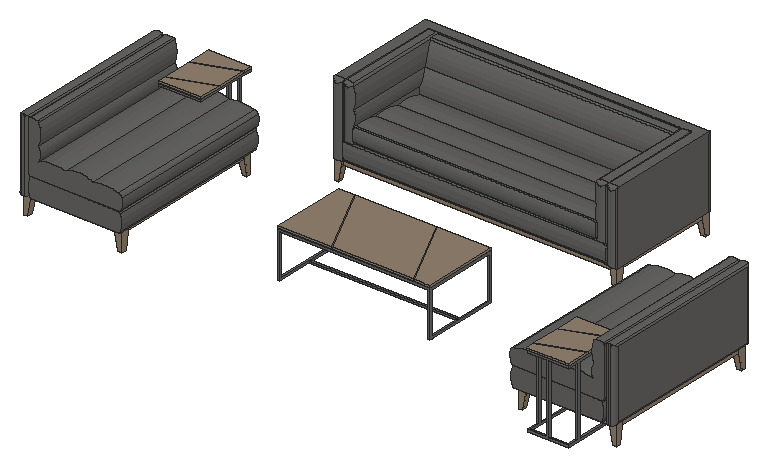
Revit family "Gus-Atwood_Layout_01-Teknion-R2015", category Furniture Systems, Revit 2016
Family settings
  Part Type = Normal
  Round Connector Dimension = Use Diameter
  OmniClass Number = 23.40.70.14.64.21
  OmniClass Title = Systems Furniture
  Work Plane-Based = No
  Always vertical = Yes
  Cut with Voids When Loaded = No
  Shared = Yes
  Room Calculation Point = No
Parameters (values of type "Atwood 01")
  Warranty = "https://d2r72yk5wmppdj.cloudfront.net/m/03d6e2ec3734b7d8/original/"
  URL = "http://www.teknion.com/ca/products/landing-pages/gus-modern"
  Type Comments = ""
  Series = "Gus Modern"  # constant formula
  Product Page URL = "http://teknionplanningtool.com/"
  Product Line = "Gus Modern"  # constant formula
  Model = "Gus - Atwood Layout 01"
  Manufacturer Phone = "416.534.0773 x37"  # constant formula
  Manufacturer Fax = "416.534.2452"  # constant formula
  Manufacturer Contact Information = "Teknion@gusdesigngroup.com"
  Manufacturer Address = "223 Evans Avenue. Toronto, Ontario, Canada. M8Z 1J5"  # constant formula
  Manufacturer = "Gus* Modern"  # constant formula
  How to Add Texture Images to your Revit Project [instance] = "https://assets.teknion.com/m/205dd0a49fa58060/original/How-to-add-a-Material-Library-and-Texture-Images-to-your-Revit-project.pdf"
  Download Gus Texture Images to create renders [instance] = "https://assets.teknion.com/m/29cde7a75cc33916/original/Gus_Materials-Tileable.zip&sa=D&source=hangouts&ust=1586961390137000&usg=AFQjCNGxXSYn9ovBZDnVxL7hRXyzMWMijw"
  Description = "8'-0 1/2\" x 14'-4 1/2\" Overall"
  Assembly Code = "E2020200"
Reference planes (in)
  plane 1 "Center F/B": y = 0
  plane 2: z = 0
  plane 3 "Center L/R": x = 0
  plane 4 "Top": z = 29
Lines and regions (in)
  reference lines
    curve 1: line (86.33523, 66.44447, 0) -> (-86.33523, 66.44447, 0)
    curve 2: line (86.33523, -30.22316, 0) -> (86.33523, 66.44447, 0)
    curve 3: line (-86.33523, -30.22316, 0) -> (86.33523, -30.22316, 0)
    curve 4: line (-86.33523, 66.44447, 0) -> (-86.33523, -30.22316, 0)
Dimensions and locks (in)
  locked: plane 4 "Top" to level at 29
  curve 1 to curve 3 = 8' - 0.66763"
  curve 4 to curve 2 = 14' - 4.67047"
  locked: nested 5 to nested 4 at 21.16139
  locked: nested 6 to nested 3 at 22.7296
  locked: nested 4 to nested 5 at 0.32213
  locked: nested 3 to nested 6 at 1.0848
  aligned and locked: level to plane 2
  aligned and locked: plane 1 "Center F/B" to nested 4
  aligned and locked: plane 1 "Center F/B" to nested 2
  aligned and locked: nested 3 to plane 1 "Center F/B"
  aligned and locked: plane 3 "Center L/R" to nested 1
  aligned and locked: plane 3 "Center L/R" to nested 2
Nested families (in)
  nested 1: "Seating-Sofa-Teknion-ECSFATWO_Atwood-R2015" at (0, 49.4109, 0), type "Urban Tweed Ink, Walnut"
  nested 2: "Table-Teknion-ECCTTOBR_Tobias-R2015" at (0, 0, 0), type "Coffee Table, Rectangle"
  nested 3: "Seating-Lounge-Teknion-ECLGATWO_Atwood-R2015" at (-71.15001, 0, 0) x (0, 1, 0) z (0, 0, 1), type "Urban Tweed Ink, Walnut"
  nested 4: "Seating-Lounge-Teknion-ECLGATWO_Atwood-R2015" at (71.16394, 0, 0) x (0, -1, 0) z (0, 0, 1), type "Urban Tweed Ink, Walnut"
  nested 5: "Table-Teknion-ECNTTOBI_Tobias-R2015" at (71.48608, -21.16139, 0) x (0, -1, 0) z (0, 0, 1), type "Nesting Table"
  nested 6: "Table-Teknion-ECNTTOBI_Tobias-R2015" at (-70.06521, 22.7296, 0) x (0, 1, 0) z (0, 0, 1), type "Nesting Table"
Definition of nested family "Seating-Sofa-Teknion-ECSFATWO_Atwood-R2015"
  Parameters (values of type "(See Type Catalog)")
    Width = 6' - 10"
    Warranty = "https://d2r72yk5wmppdj.cloudfront.net/m/03d6e2ec3734b7d8/original/Gus-Limited-Warranty.pdf"
    Upholstery Finish = none
    URL = "http://www.teknion.com/ca/products/landing-pages/gus-modern"
    Series = "Gus Modern"
    Product Page URL = "http://www.teknion.com/ca/products/landing-pages/gus-modern"
    Product Line = "Atwood"
    Part Number = "ECSFATWO"
    Model = "ECSFATWO-mu-wn"
    Manufacturer Phone = "416.534.0773 x37"
    Manufacturer Fax = "416.534.2452"
    Manufacturer Contact Information = "Teknion@gusdesigngroup.com"
    Manufacturer Address = "223 Evans Avenue. Toronto, Ontario. Canada. M8Z 1J5"
    Manufacturer = "Gus* Modern"  # constant formula
    Height = 2' - 3"
    Description = "Atwood Sofa Muskoka Surf Walnut"
    Depth = 2' - 10"
    Assembly Code = "E2020200"
  Reference planes (in)
    plane 1 "Center F/B": y = 0
    plane 2 "Bottom": z = 0
    plane 3 "Center L/R": x = 0
    plane 4 "Front": y = -17.03357
    plane 5 "Back": y = 17.03357
    plane 6 "Top": z = 27
    plane 7 "Left Right 4": x = -3.9124
    plane 8 "Left Right 5": x = 3.9124
    plane 9 "Front Back 2": y = -0.77351
    plane 10 "Front Back 1": y = -8.63556
    plane 11 "Masking Region": z = 16.4229
    plane 12 "Left": x = -41.63435
    plane 13 "Right": x = 41.63435
    plane 14 "Left Right 3": x = -11.73703
    plane 15 "Left Right 2": x = -19.56201
    plane 16 "Left Right 1": x = -27.3867
    plane 17 "Left Right 6": x = 11.73703
    plane 18 "Left Right 7": x = 19.56201
    plane 19 "Left Right 8": x = 27.3867
  Forms (in)
    Sweep 1, solid
      path origin (0, 0, 0) x (1, 0, 0) y (0, 0, 1)
        loop
          line (0, 6.02362) -> (0, 4.64567)
      profile origin (0, 0, 5.33465) x (0, -1, 0) y (1, 0, 0)
        loop
          line (-14.79195, -40.84653) -> (-14.79195, -40.45283) -> (14.34191, -40.45283) -> (14.34191, -40.84653) -> (16.31041, -40.84653) -> (16.31041, -38.87803) -> (15.91671, -38.87803) -> (15.91671, 38.87803) -> (16.31041, 38.87803) -> (16.31041, 40.84653) -> (14.34191, 40.84653) -> (14.34191, 40.45283) -> (-14.79195, 40.45283) -> (-14.79195, 40.84653) -> (-16.76045, 40.84653) -> (-16.76045, 38.87803) -> (-16.36675, 38.87803) -> (-16.36675, -38.87803) -> (-16.76045, -38.87803) -> (-16.76045, -40.84653) -> (-14.79195, -40.84653)
        loop
          line (-14.79195, -38.87803) -> (14.34191, -38.87803) -> (14.34191, -0.78748) -> (-14.79195, -0.78748) -> (-14.79195, -38.87803)
        loop
          line (-14.79195, 38.87803) -> (-14.79195, 0.78748) -> (14.34191, 0.78748) -> (14.34191, 38.87803) -> (-14.79195, 38.87803)
    SweptBlend 2, solid
      path origin (0, 0, 0) x (1, 0, 0) y (0, 0, 1)
        loop
          line (0, 0.11811) -> (0, 4.64567)
      profile origin (0, 0, 0.11811) x (-1, 0, 0) y (0, -1, 0)
        loop
          line (40.84653, 15.11796) -> (40.84653, 16.31041) -> (39.65408, 16.31041) -> (39.65408, 15.11796) -> (40.84653, 15.11796)
      end profile origin (0, 0, 4.64567) x (-1, 0, 0) y (0, -1, 0)
        loop
          line (38.87803, 14.34191) -> (40.84653, 14.34191) -> (40.84653, 16.31041) -> (38.87803, 16.31041) -> (38.87803, 14.34191)
    SweptBlend 3, solid
      path origin (35.23644, 0, 0) x (1, 0, 0) y (0, 0, 1)
        loop
          line (-35.23644, 0.11811) -> (-35.23644, 4.64567)
      profile origin (0, 0, 0.11811) x (-1, 0, 0) y (0, -1, 0)
        loop
          line (-40.84653, 15.11796) -> (-39.65408, 15.11796) -> (-39.65408, 16.31041) -> (-40.84653, 16.31041) -> (-40.84653, 15.11796)
      end profile origin (0, 0, 4.64567) x (-1, 0, 0) y (0, -1, 0)
        loop
          line (-38.87803, 14.34191) -> (-38.87803, 16.31041) -> (-40.84653, 16.31041) -> (-40.84653, 14.34191) -> (-38.87803, 14.34191)
    SweptBlend 4, solid
      path origin (0, 0, 0) x (1, 0, 0) y (0, 0, 1)
        loop
          line (0, 0.11811) -> (0, 4.64567)
      profile origin (0, 0, 0.11811) x (-1, 0, 0) y (0, -1, 0)
        loop
          line (-40.84653, -16.76045) -> (-39.65408, -16.76045) -> (-39.65408, -15.568) -> (-40.84653, -15.568) -> (-40.84653, -16.76045)
      end profile origin (0, 0, 4.64567) x (-1, 0, 0) y (0, -1, 0)
        loop
          line (-38.87803, -16.76045) -> (-38.87803, -14.79195) -> (-40.84653, -14.79195) -> (-40.84653, -16.76045) -> (-38.87803, -16.76045)
    SweptBlend 5, solid
      path origin (-32.48031, 0, 0) x (1, 0, 0) y (0, 0, 1)
        loop
          line (32.48031, 0.11811) -> (32.48031, 4.64567)
      profile origin (0, 0, 0.11811) x (-1, 0, 0) y (0, -1, 0)
        loop
          line (39.65408, -16.76045) -> (40.84653, -16.76045) -> (40.84653, -15.568) -> (39.65408, -15.568) -> (39.65408, -16.76045)
      end profile origin (0, 0, 4.64567) x (-1, 0, 0) y (0, -1, 0)
        loop
          line (40.84653, -16.76045) -> (40.84653, -14.79195) -> (38.87803, -14.79195) -> (38.87803, -16.76045) -> (40.84653, -16.76045)
    Sweep 6, solid, material <- "Upholstery Finish"
      path origin (0, 0, 0) x (1, 0, 0) y (0, 0, 1)
        loop
          line (0, 6.02362) -> (0, 26.89778)
      profile origin (0, 0, 16.4607) x (-1, 0, 0) y (0, -1, 0)
        loop
          arc (40.84564, 16.69561) -> (39.52973, 16.92589) -> (38.23514, 16.59621) r 3.18485
          arc (38.23514, 16.59621) -> (38.11355, 16.48559) -> (38.0685, 16.32749) r 0.3
          line (38.0685, 16.32749) -> (38.0685, -13.66203)
          arc (38.0685, -13.66203) -> (37.92206, -14.01558) -> (37.5685, -14.16203) r 0.5
          line (37.5685, -14.16203) -> (-37.5685, -14.16203)
          arc (-37.5685, -14.16203) -> (-37.92206, -14.01558) -> (-38.0685, -13.66203) r 0.5
          line (-38.0685, -13.66203) -> (-38.0685, 16.32749)
          arc (-38.0685, 16.32749) -> (-38.11355, 16.48559) -> (-38.23514, 16.59621) r 0.3
          arc (-38.23514, 16.59621) -> (-39.52973, 16.92589) -> (-40.84564, 16.69561) r 3.18485
          arc (-40.84564, 16.69561) -> (-40.9774, 16.59257) -> (-41.03455, 16.43537) r 0.30349
          arc (-41.03455, 16.43537) -> (-41.61209, -0.12321) -> (-41.04098, -16.68201) r 238.99343
          arc (-41.04098, -16.68201) -> (-40.94772, -16.87779) -> (-40.74596, -16.9573) r 0.29572
          line (-40.74596, -16.9573) -> (40.74596, -16.9573)
          arc (40.74596, -16.9573) -> (40.94772, -16.87779) -> (41.04098, -16.68201) r 0.29572
          arc (41.04098, -16.68201) -> (41.61209, -0.12321) -> (41.03455, 16.43537) r 238.99343
          arc (41.03455, 16.43537) -> (40.9774, 16.59257) -> (40.84564, 16.69561) r 0.30349
        loop
          line (34.36575, 16.01504) -> (34.36575, -13.23438)
          arc (34.36575, -13.23438) -> (36.0243, -14.09113) -> (37.87061, -13.81555) r 3.03611
          arc (37.87061, -13.81555) -> (37.99221, -13.70493) -> (38.03725, -13.54682) r 0.3
          line (38.03725, -13.54682) -> (38.03725, 16.32749)
          arc (38.03725, 16.32749) -> (37.99221, 16.48559) -> (37.87061, 16.59621) r 0.3
          arc (37.87061, 16.59621) -> (36.0243, 16.87179) -> (34.36575, 16.01504) r 3.03611
        loop
          arc (-34.36575, 16.01504) -> (-36.0243, 16.87179) -> (-37.87061, 16.59621) r 3.03611
          arc (-37.87061, 16.59621) -> (-37.99221, 16.48559) -> (-38.03725, 16.32749) r 0.3
          line (-38.03725, 16.32749) -> (-38.03725, -13.54682)
          arc (-38.03725, -13.54682) -> (-37.99221, -13.70493) -> (-37.87061, -13.81555) r 0.3
          arc (-37.87061, -13.81555) -> (-36.0243, -14.09113) -> (-34.36575, -13.23438) r 3.03611
          line (-34.36575, -13.23438) -> (-34.36575, 16.01504)
    Sweep 7, void
      path origin (0, 0, 0) x (1, 0, 0) y (0, 1, 0)
        loop
          line (-41.63435, 0) -> (41.63435, 0)
      profile origin (0, 0, 0) x (0, 1, 0) y (0, 0, 1)
        loop
          line (-15.67819, 26.89778) -> (-15.67819, 27) -> (-17.03357, 27) -> (-17.03357, 25.64778) -> (-16.92819, 25.64778)
          arc (-16.92819, 25.64778) -> (-16.56208, 26.53166) -> (-15.67819, 26.89778) r 1.25
    Sweep 8, void
      path origin (0, 0, 0) x (1, 0, 0) y (0, 1, 0)
        loop
          line (-38.03725, 0) -> (38.03725, 0)
      profile origin (0, 0, 0) x (0, 1, 0) y (0, 0, 1)
        loop
          line (-17.03357, 11.53543) -> (-17.03357, 0) -> (14.16203, 0) -> (14.16203, 11.53543) -> (-17.03357, 11.53543)
    Sweep 9, void
      path origin (0, 0, 0) x (1, 0, 0) y (0, 1, 0)
        loop
          line (0, 14.16203) -> (0, -19.83797)
      profile origin (0, -2.83797, 0) x (1, 0, 0) y (0, 0, 1)
        loop
          line (35.11575, 11.53543) -> (35.11575, 16.06309)
          arc (35.11575, 16.06309) -> (34.71603, 18.17952) -> (35.11575, 20.29594) r 5.80281
          arc (35.11575, 20.29594) -> (34.71629, 23.37092) -> (35.10313, 26.44751) r 12.22832
          arc (35.10313, 26.44751) -> (35.31661, 26.77204) -> (35.68415, 26.89778) r 0.6
          line (35.68415, 26.89778) -> (35.68415, 27) -> (-35.68415, 27) -> (-35.68415, 26.89778)
          arc (-35.68415, 26.89778) -> (-35.31661, 26.77204) -> (-35.10313, 26.44751) r 0.6
          arc (-35.10313, 26.44751) -> (-34.71629, 23.37092) -> (-35.11575, 20.29594) r 12.22832
          arc (-35.11575, 20.29594) -> (-34.71603, 18.17952) -> (-35.11575, 16.06309) r 5.80281
          line (-35.11575, 16.06309) -> (-35.11575, 11.53543) -> (35.11575, 11.53543)
    Sweep 10, solid, material <- "Upholstery Finish"
      path origin (0, 0, 0) x (1, 0, 0) y (0, 1, 0)
        loop
          line (-35.11575, 0) -> (35.11575, 0)
      profile origin (0, 0, 0) x (0, 1, 0) y (0, 0, 1)
        loop
          arc (14.16203, 26.24421) -> (14.06587, 26.52606) -> (13.81749, 26.69036) r 0.46114
          arc (13.81749, 26.69036) -> (12.6514, 26.8544) -> (11.4788, 26.74621) r 5.09255
          arc (11.4788, 26.74621) -> (11.23365, 26.65343) -> (11.02815, 26.49071) r 0.85471
          arc (11.02815, 26.49071) -> (9.34869, 23.62463) -> (9.03069, 20.31799) r 7.71152
          arc (9.03069, 20.31799) -> (7.34504, 17.43026) -> (7.11478, 14.09449) r 7.342
          arc (7.11478, 14.09449) -> (3.22333, 15.03418) -> (-0.77351, 14.80661) r 13.67422
          arc (-0.77351, 14.80661) -> (-4.65822, 15.68954) -> (-8.63556, 15.46302) r 14.25511
          arc (-8.63556, 15.46302) -> (-12.38802, 16.28509) -> (-16.22586, 16.11875) r 14.87413
          arc (-16.22586, 16.11875) -> (-16.33521, 16.07463) -> (-16.41694, 15.98964) r 0.28188
          arc (-16.41694, 15.98964) -> (-17.03372, 13.85854) -> (-16.45236, 11.71751) r 4.10791
          arc (-16.45236, 11.71751) -> (-16.31595, 11.58412) -> (-16.13148, 11.53543) r 0.3738
          line (-16.13148, 11.53543) -> (14.16203, 11.53543) -> (14.16203, 26.24421)
    Sweep 11, solid, material <- "Upholstery Finish"
      path origin (0, 0, 0) x (1, 0, 0) y (0, 1, 0)
        loop
          line (-38.03725, 0) -> (38.03725, 0)
      profile origin (0, 0, 0) x (0, 1, 0) y (0, 0, 1)
        loop
          line (14.16203, 11.53543) -> (-16.19459, 11.53543)
          arc (-16.19459, 11.53543) -> (-16.49108, 11.43804) -> (-16.67207, 11.1838) r 0.5
          arc (-16.67207, 11.1838) -> (-17.03666, 8.77927) -> (-16.6706, 6.37496) r 8.09501
          arc (-16.6706, 6.37496) -> (-16.48958, 6.12093) -> (-16.19321, 6.02362) r 0.5
          line (-16.19321, 6.02362) -> (14.16203, 6.02362) -> (14.16203, 11.53543)
    Sweep 12, solid
      path origin (0, 0, 0) x (1, 0, 0) y (0, 0, 1)
        loop
          line (0, 4.64567) -> (0, 0.11811)
      profile origin (0, 0, 2.38189) x (0, -1, 0) y (1, 0, 0)
        loop
          line (0.56238, -0.78748) -> (0.56238, 0.78748) -> (-1.01242, 0.78748) -> (-1.01242, -0.78748) -> (0.56238, -0.78748)
    Sweep 13, solid
      path origin (0, 0, 0) x (1, 0, 0) y (0, 0, 1)
        loop
          line (0, 0) -> (0, 0.11811)
      profile origin (0, 0, 0.05906) x (-1, 0, 0) y (0, -1, 0)
        loop
          circle (0.00007, -0.22502) r 0.29528
        loop
          circle (40.25598, -16.1699) r 0.29528
        loop
          circle (40.25598, 15.71986) r 0.29528
        loop
          circle (-40.25583, 15.71986) r 0.29528
        loop
          circle (-40.25583, -16.1699) r 0.29528
  Cuts and joins
    joined: Sweep 1, SweptBlend 2, SweptBlend 3, SweptBlend 4, SweptBlend 5, Sweep 12
    Sweep 7, Sweep 8, Sweep 9 cuts Sweep 6
  Lines and regions (in)
    model lines
      curve 1: arc (-3.9124, 7.07687, 14.14204) -> (-3.9124, 7.32212, 17.45767) -> (-3.9124, 8.99922, 20.32836) r 7.372
      curve 2: arc (-3.9124, 8.99922, 20.32836) -> (-3.9124, 9.31545, 23.61931) -> (-3.9124, 10.97586, 26.47821) r 7.74152
      curve 3: arc (-3.9124, -0.77101, 14.83775) -> (-3.9124, 3.204, 15.06603) -> (-3.9124, 7.07687, 14.14204) r 13.70422
      curve 4: arc (-3.9124, -8.63326, 15.49407) -> (-3.9124, -4.65593, 15.71946) -> (-3.9124, -0.77101, 14.83775) r 14.28511
      curve 5: arc (-3.9124, -16.2559, 16.14393) -> (-3.9124, -12.40217, 16.31642) -> (-3.9124, -8.63326, 15.49407) r 14.90413
      curve 6: arc (3.9124, 7.07687, 14.14204) -> (3.9124, 7.32212, 17.45767) -> (3.9124, 8.99922, 20.32836) r 7.372
      curve 7: arc (3.9124, 8.99922, 20.32836) -> (3.9124, 9.31545, 23.61931) -> (3.9124, 10.97586, 26.47821) r 7.74152
      curve 8: arc (3.9124, -0.77101, 14.83775) -> (3.9124, 3.204, 15.06603) -> (3.9124, 7.07687, 14.14204) r 13.70422
      curve 9: arc (3.9124, -8.63326, 15.49407) -> (3.9124, -4.65593, 15.71946) -> (3.9124, -0.77101, 14.83775) r 14.28511
      curve 10: arc (3.9124, -16.2559, 16.14393) -> (3.9124, -12.40217, 16.31642) -> (3.9124, -8.63326, 15.49407) r 14.90413
      curve 11: arc (-27.3867, 7.07687, 14.14204) -> (-27.3867, 7.32212, 17.45767) -> (-27.3867, 8.99922, 20.32836) r 7.372
      curve 12: arc (-27.3867, 8.99922, 20.32836) -> (-27.3867, 9.31545, 23.61931) -> (-27.3867, 10.97586, 26.47821) r 7.74152
      curve 13: arc (-27.3867, -0.77101, 14.83775) -> (-27.3867, 3.204, 15.06603) -> (-27.3867, 7.07687, 14.14204) r 13.70422
      curve 14: arc (-27.3867, -8.63326, 15.49407) -> (-27.3867, -4.65593, 15.71946) -> (-27.3867, -0.77101, 14.83775) r 14.28511
      curve 15: arc (-27.3867, -16.2559, 16.14393) -> (-27.3867, -12.40217, 16.31642) -> (-27.3867, -8.63326, 15.49407) r 14.90413
      curve 16: arc (-19.56201, 7.07687, 14.14204) -> (-19.56201, 7.32212, 17.45767) -> (-19.56201, 8.99922, 20.32836) r 7.372
      curve 17: arc (-19.56201, 8.99922, 20.32836) -> (-19.56201, 9.31545, 23.61931) -> (-19.56201, 10.97586, 26.47821) r 7.74152
      curve 18: arc (-19.56201, -0.77101, 14.83775) -> (-19.56201, 3.204, 15.06603) -> (-19.56201, 7.07687, 14.14204) r 13.70422
      curve 19: arc (-19.56201, -8.63326, 15.49407) -> (-19.56201, -4.65593, 15.71946) -> (-19.56201, -0.77101, 14.83775) r 14.28511
      curve 20: arc (-19.56201, -16.2559, 16.14393) -> (-19.56201, -12.40217, 16.31642) -> (-19.56201, -8.63326, 15.49407) r 14.90413
      curve 21: arc (-11.73703, 7.07687, 14.14204) -> (-11.73703, 7.32212, 17.45767) -> (-11.73703, 8.99922, 20.32836) r 7.372
      curve 22: arc (-11.73703, 8.99922, 20.32836) -> (-11.73703, 9.31545, 23.61931) -> (-11.73703, 10.97586, 26.47821) r 7.74152
      curve 23: arc (-11.73703, -0.77101, 14.83775) -> (-11.73703, 3.204, 15.06603) -> (-11.73703, 7.07687, 14.14204) r 13.70422
      curve 24: arc (-11.73703, -8.63326, 15.49407) -> (-11.73703, -4.65593, 15.71946) -> (-11.73703, -0.77101, 14.83775) r 14.28511
      curve 25: arc (-11.73703, -16.2559, 16.14393) -> (-11.73703, -12.40217, 16.31642) -> (-11.73703, -8.63326, 15.49407) r 14.90413
      curve 26: arc (11.73703, 7.07687, 14.14204) -> (11.73703, 7.32212, 17.45767) -> (11.73703, 8.99922, 20.32836) r 7.372
      curve 27: arc (11.73703, 8.99922, 20.32836) -> (11.73703, 9.31545, 23.61931) -> (11.73703, 10.97586, 26.47821) r 7.74152
      curve 28: arc (11.73703, -0.77101, 14.83775) -> (11.73703, 3.204, 15.06603) -> (11.73703, 7.07687, 14.14204) r 13.70422
      curve 29: arc (11.73703, -8.63326, 15.49407) -> (11.73703, -4.65593, 15.71946) -> (11.73703, -0.77101, 14.83775) r 14.28511
      curve 30: arc (11.73703, -16.2559, 16.14393) -> (11.73703, -12.40217, 16.31642) -> (11.73703, -8.63326, 15.49407) r 14.90413
      curve 31: arc (19.56201, 7.07687, 14.14204) -> (19.56201, 7.32212, 17.45767) -> (19.56201, 8.99922, 20.32836) r 7.372
      curve 32: arc (19.56201, 8.99922, 20.32836) -> (19.56201, 9.31545, 23.61931) -> (19.56201, 10.97586, 26.47821) r 7.74152
      curve 33: arc (19.56201, -0.77101, 14.83775) -> (19.56201, 3.204, 15.06603) -> (19.56201, 7.07687, 14.14204) r 13.70422
      curve 34: arc (19.56201, -8.63326, 15.49407) -> (19.56201, -4.65593, 15.71946) -> (19.56201, -0.77101, 14.83775) r 14.28511
      curve 35: arc (19.56201, -16.2559, 16.14393) -> (19.56201, -12.40217, 16.31642) -> (19.56201, -8.63326, 15.49407) r 14.90413
      curve 36: arc (27.3867, 7.07687, 14.14204) -> (27.3867, 7.32212, 17.45767) -> (27.3867, 8.99922, 20.32836) r 7.372
      curve 37: arc (27.3867, 8.99922, 20.32836) -> (27.3867, 9.31545, 23.61931) -> (27.3867, 10.97586, 26.47821) r 7.74152
      curve 38: arc (27.3867, -0.77101, 14.83775) -> (27.3867, 3.204, 15.06603) -> (27.3867, 7.07687, 14.14204) r 13.70422
      curve 39: arc (27.3867, -8.63326, 15.49407) -> (27.3867, -4.65593, 15.71946) -> (27.3867, -0.77101, 14.83775) r 14.28511
      curve 40: arc (27.3867, -16.2559, 16.14393) -> (27.3867, -12.40217, 16.31642) -> (27.3867, -8.63326, 15.49407) r 14.90413
      curve 41: arc (-35.08321, -8.63556, 20.29784) -> (-34.68528, -8.63556, 23.3759) -> (-35.07311, -8.63556, 26.45524) r 12.25932
      curve 42: arc (-35.08688, -8.63556, 16.05179) -> (-34.68503, -8.63556, 18.17447) -> (-35.08321, -8.63556, 20.29784) r 5.83381
      curve 43: arc (-35.08321, -0.77351, 20.29784) -> (-34.68528, -0.77351, 23.3759) -> (-35.07311, -0.77351, 26.45524) r 12.25932
      curve 44: arc (-35.08688, -0.77351, 16.05179) -> (-34.68503, -0.77351, 18.17447) -> (-35.08321, -0.77351, 20.29784) r 5.83381
      curve 45: arc (35.08321, -8.63556, 20.29784) -> (34.68528, -8.63556, 23.3759) -> (35.07311, -8.63556, 26.45524) r 12.25932
      curve 46: arc (35.08688, -8.63556, 16.05179) -> (34.68503, -8.63556, 18.17447) -> (35.08321, -8.63556, 20.29784) r 5.83381
      curve 47: arc (35.08321, -0.77351, 20.29784) -> (34.68528, -0.77351, 23.3759) -> (35.07311, -0.77351, 26.45524) r 12.25932
      curve 48: arc (35.08688, -0.77351, 16.05179) -> (34.68503, -0.77351, 18.17447) -> (35.08321, -0.77351, 20.29784) r 5.83381
      curve 49: arc (-27.3867, 10.97586, 26.47821) -> (-27.3867, 11.19905, 26.66912) -> (-27.3867, 11.4724, 26.77655) r 0.88571
      curve 50: arc (-27.3867, 11.4724, 26.77655) -> (-27.3867, 12.645, 26.88473) -> (-27.3867, 13.81109, 26.7207) r 5.09255
      curve 51: arc (-27.3867, -16.44328, 16.00598) -> (-27.3867, -16.3629, 16.09302) -> (-27.3867, -16.2559, 16.14393) r 0.31288
      curve 52: arc (-27.3867, -16.47871, 11.73385) -> (-27.3867, -17.06006, 13.87488) -> (-27.3867, -16.44328, 16.00598) r 4.10791
      curve 53: arc (-19.56201, 10.97586, 26.47821) -> (-19.56201, 11.19905, 26.66912) -> (-19.56201, 11.4724, 26.77655) r 0.88571
      curve 54: arc (-19.56201, 11.4724, 26.77655) -> (-19.56201, 12.645, 26.88473) -> (-19.56201, 13.81109, 26.7207) r 5.09255
      curve 55: arc (-19.56201, -16.44328, 16.00598) -> (-19.56201, -16.3629, 16.09302) -> (-19.56201, -16.2559, 16.14393) r 0.31288
      curve 56: arc (-19.56201, -16.47871, 11.73385) -> (-19.56201, -17.06006, 13.87488) -> (-19.56201, -16.44328, 16.00598) r 4.10791
      curve 57: arc (-11.73703, 10.97586, 26.47821) -> (-11.73703, 11.19905, 26.66912) -> (-11.73703, 11.4724, 26.77655) r 0.88571
      curve 58: arc (-11.73703, 11.4724, 26.77655) -> (-11.73703, 12.645, 26.88473) -> (-11.73703, 13.81109, 26.7207) r 5.09255
      curve 59: arc (-11.73703, -16.44328, 16.00598) -> (-11.73703, -16.3629, 16.09302) -> (-11.73703, -16.2559, 16.14393) r 0.31288
      curve 60: arc (-11.73703, -16.47871, 11.73385) -> (-11.73703, -17.06006, 13.87488) -> (-11.73703, -16.44328, 16.00598) r 4.10791
      curve 61: arc (-3.9124, 10.97586, 26.47821) -> (-3.9124, 11.19905, 26.66912) -> (-3.9124, 11.4724, 26.77655) r 0.88571
      curve 62: arc (-3.9124, 11.4724, 26.77655) -> (-3.9124, 12.645, 26.88473) -> (-3.9124, 13.81109, 26.7207) r 5.09255
      curve 63: arc (-3.9124, -16.44328, 16.00598) -> (-3.9124, -16.3629, 16.09302) -> (-3.9124, -16.2559, 16.14393) r 0.31288
      curve 64: arc (-3.9124, -16.47871, 11.73385) -> (-3.9124, -17.06006, 13.87488) -> (-3.9124, -16.44328, 16.00598) r 4.10791
      curve 65: arc (3.9124, 10.97586, 26.47821) -> (3.9124, 11.19905, 26.66912) -> (3.9124, 11.4724, 26.77655) r 0.88571
      curve 66: arc (3.9124, 11.4724, 26.77655) -> (3.9124, 12.645, 26.88473) -> (3.9124, 13.81109, 26.7207) r 5.09255
      curve 67: arc (3.9124, -16.44328, 16.00598) -> (3.9124, -16.3629, 16.09302) -> (3.9124, -16.2559, 16.14393) r 0.31288
      curve 68: arc (3.9124, -16.47871, 11.73385) -> (3.9124, -17.06006, 13.87488) -> (3.9124, -16.44328, 16.00598) r 4.10791
      curve 69: arc (11.73703, 10.97586, 26.47821) -> (11.73703, 11.19905, 26.66912) -> (11.73703, 11.4724, 26.77655) r 0.88571
      curve 70: arc (11.73703, 11.4724, 26.77655) -> (11.73703, 12.645, 26.88473) -> (11.73703, 13.81109, 26.7207) r 5.09255
      curve 71: arc (11.73703, -16.44328, 16.00598) -> (11.73703, -16.3629, 16.09302) -> (11.73703, -16.2559, 16.14393) r 0.31288
      curve 72: arc (11.73703, -16.47871, 11.73385) -> (11.73703, -17.06006, 13.87488) -> (11.73703, -16.44328, 16.00598) r 4.10791
      curve 73: arc (19.56201, 10.97586, 26.47821) -> (19.56201, 11.19905, 26.66912) -> (19.56201, 11.4724, 26.77655) r 0.88571
      curve 74: arc (19.56201, 11.4724, 26.77655) -> (19.56201, 12.645, 26.88473) -> (19.56201, 13.81109, 26.7207) r 5.09255
      curve 75: arc (19.56201, -16.44328, 16.00598) -> (19.56201, -16.3629, 16.09302) -> (19.56201, -16.2559, 16.14393) r 0.31288
      curve 76: arc (19.56201, -16.47871, 11.73385) -> (19.56201, -17.06006, 13.87488) -> (19.56201, -16.44328, 16.00598) r 4.10791
      curve 77: arc (27.3867, 10.97586, 26.47821) -> (27.3867, 11.19905, 26.66912) -> (27.3867, 11.4724, 26.77655) r 0.88571
      curve 78: arc (27.3867, 11.4724, 26.77655) -> (27.3867, 12.645, 26.88473) -> (27.3867, 13.81109, 26.7207) r 5.09255
      curve 79: arc (27.3867, -16.44328, 16.00598) -> (27.3867, -16.3629, 16.09302) -> (27.3867, -16.2559, 16.14393) r 0.31288
      curve 80: arc (27.3867, -16.47871, 11.73385) -> (27.3867, -17.06006, 13.87488) -> (27.3867, -16.44328, 16.00598) r 4.10791
  Dimensions and locks (in)
    equal spacing: plane 5 "Back", plane 1 "Center F/B", plane 4 "Front"
    "Height": plane 6 "Top" to plane 2 "Bottom"
    locked: plane 4 "Front" to plane 5 "Back" at 34.06714
    Sweep 1 sketch curve to Sweep 1 sketch curve to plane 2 "Bottom" = 0' - 1.37795" locked, 0' - 4.64567" locked
    Sweep 1 sketch curve to Sweep 1 sketch curve to Sweep 1 sketch curve to Sweep 1 sketch curve to plane 5 "Back" = 0' - 0" locked, 0' - 1.5748" locked, 0' - 0.3937" locked, 0' - 0.27312" locked
    plane 12 "Left" to Sweep 1 sketch curve to Sweep 1 sketch curve to Sweep 1 sketch curve to Sweep 1 sketch curve = 0' - 0.78782" locked, 0' - 0.3937" locked, 0' - 1.5748" locked, 0' - 0" locked
    plane 12 "Left" to Sweep 1 sketch curve to Sweep 1 sketch curve = 0' - 0.78782" locked, 0' - 1.9685" locked
    Sweep 1 sketch curve to Sweep 1 sketch curve to Sweep 1 sketch curve to Sweep 1 sketch curve to plane 4 "Front" = 0' - 0" locked, 0' - 1.5748" locked, 0' - 0.3937" locked, 0' - 0.72316" locked
    Sweep 1 sketch curve to Sweep 1 sketch curve to Sweep 1 sketch curve to Sweep 1 sketch curve to plane 13 "Right" = 0' - 0" locked, 0' - 1.5748" locked, 0' - 0.3937" locked, 0' - 0.78782" locked
    Sweep 1 sketch curve to Sweep 1 sketch curve to plane 13 "Right" = 0' - 1.9685" locked, 0' - 0.78782" locked
    Sweep 1 sketch curve to Sweep 1 sketch curve to plane 4 "Front" = 0' - 1.9685" locked, 0' - 0.72316" locked
    Sweep 1 sketch curve to Sweep 1 sketch curve to plane 5 "Back" = 0' - 1.9685" locked, 0' - 0.27312" locked
    SweptBlend 2 sketch curve to SweptBlend 2 sketch curve to plane 2 "Bottom" = 0' - 4.52756" locked, 0' - 0.11811" locked
    SweptBlend 2 sketch curve to SweptBlend 2 sketch curve to plane 4 "Front" = 0' - 1.19245" locked, 0' - 0.72316" locked
    plane 12 "Left" to SweptBlend 2 sketch curve to SweptBlend 2 sketch curve = 0' - 0.78782" locked, 0' - 1.19245" locked
    SweptBlend 2 sketch curve to Sweep 1 to plane 4 "Front" = 0' - 1.9685" locked, 0' - 0.72316" locked
    locked: Sweep 1 to SweptBlend 2 sketch curve at 1.9685
    SweptBlend 3 sketch curve to SweptBlend 3 sketch curve to plane 2 "Bottom" = 0' - 4.52756" locked, 0' - 0.11811" locked
    SweptBlend 3 sketch curve to SweptBlend 3 sketch curve to plane 13 "Right" = 0' - 1.19245" locked, 0' - 0.78782" locked
    SweptBlend 3 sketch curve to SweptBlend 3 sketch curve to plane 4 "Front" = 0' - 1.19245" locked, 0' - 0.72316" locked
    SweptBlend 3 sketch curve to Sweep 1 to plane 4 "Front" = 0' - 1.9685" locked, 0' - 0.72316" locked
    locked: SweptBlend 3 sketch curve to Sweep 1 at 1.9685
    SweptBlend 4 sketch curve to SweptBlend 4 sketch curve to plane 2 "Bottom" = 0' - 4.52756" locked, 0' - 0.11811" locked
    SweptBlend 4 sketch curve to SweptBlend 4 sketch curve to plane 13 "Right" = 0' - 1.19245" locked, 0' - 0.78782" locked
    plane 5 "Back" to SweptBlend 4 sketch curve to SweptBlend 4 sketch curve = 0' - 0.27312" locked, 0' - 1.19245" locked
    SweptBlend 4 sketch curve to Sweep 1 to plane 5 "Back" = 0' - 1.9685" locked, 0' - 0.27312" locked
    locked: SweptBlend 4 sketch curve to Sweep 1 at 1.9685
    SweptBlend 5 sketch curve to SweptBlend 5 sketch curve to plane 2 "Bottom" = 0' - 4.52756" locked, 0' - 0.11811" locked
    plane 12 "Left" to SweptBlend 5 sketch curve to SweptBlend 5 sketch curve = 0' - 0.78782" locked, 0' - 1.19245" locked
    plane 5 "Back" to SweptBlend 5 sketch curve to SweptBlend 5 sketch curve = 0' - 0.27312" locked, 0' - 1.19245" locked
    locked: Sweep 1 to SweptBlend 5 sketch curve at 1.9685
    SweptBlend 5 sketch curve to Sweep 1 to plane 5 "Back" = 0' - 1.9685" locked, 0' - 0.27312" locked
    Sweep 6 sketch curve to Sweep 6 sketch curve to plane 2 "Bottom" = 1' - 8.87416" locked, 0' - 6.02362" locked
    locked: Sweep 6 sketch curve to plane 5 "Back" at 0.07627
    locked: Sweep 9 sketch curve to plane 1 "Center F/B" at 19.83797
    locked: Sweep 11 sketch curve to plane 2 "Bottom" at 11.53543
    locked: Sweep 11 sketch curve to plane 5 "Back" at 2.87154
    locked: Sweep 10 sketch curve to plane 2 "Bottom" at 11.53543
    locked: Sweep 10 sketch curve to plane 5 "Back" at 2.87154
    plane 10 "Front Back 1" to plane 9 "Front Back 2" to plane 1 "Center F/B" = 0' - 7.86205" locked, 0' - 0.77351" locked
    locked: plane 11 "Masking Region" to plane 2 "Bottom" at 16.4229
    equal spacing: plane 12 "Left", plane 3 "Center L/R", plane 13 "Right"
    locked: plane 12 "Left" to plane 13 "Right" at 83.2687
    Sweep 12 sketch curve to Sweep 12 sketch curve to plane 2 "Bottom" = 0' - 4.52756" locked, 0' - 0.11811" locked
    locked: Sweep 13 sketch curve to plane 2 "Bottom" at 0.11811
    locked: Sweep 13 sketch curve to plane 13 "Right" at 1.37852
    locked: Sweep 13 sketch curve to plane 5 "Back" at 0.86367
    locked: plane 12 "Left" to Sweep 6 sketch curve at 7.2686
    locked: Sweep 9 sketch curve to plane 2 "Bottom" at 11.53543
    locked: Sweep 9 sketch curve to plane 13 "Right" at 5.9502
    locked: plane 12 "Left" to Sweep 8 sketch curve at 3.5971
    locked: Sweep 8 sketch curve to plane 13 "Right" at 3.5971
    locked: Sweep 11 sketch curve to plane 3 "Center L/R" at 38.03725
    locked: plane 12 "Left" to Sweep 10 sketch curve at 6.5186
    locked: Sweep 10 sketch curve to plane 13 "Right" at 6.5186
    plane 16 "Left Right 1" to plane 15 "Left Right 2" to plane 14 "Left Right 3" to plane 7 "Left Right 4" to plane 3 "Center L/R" to plane 8 "Left Right 5" to plane 17 "Left Right 6" to plane 18 "Left Right 7" to plane 19 "Left Right 8" = 0' - 7.8247" locked, 0' - 7.82498" locked, 0' - 7.82462" locked, 0' - 3.9124" locked, 0' - 3.9124" locked, 0' - 7.82462" locked, 0' - 7.82498" locked, 0' - 7.8247" locked
    Sweep 12 sketch curve to plane 1 "Center F/B" to Sweep 12 sketch curve = 0' - 0.56238" locked, 0' - 1.01242" locked
    aligned and locked: level to plane 2 "Bottom"
    aligned and locked: Sweep 1 sketch curve to plane 3 "Center L/R"
    aligned and locked: plane 3 "Center L/R" to SweptBlend 2 sketch curve
    aligned and locked: plane 3 "Center L/R" to SweptBlend 3 sketch curve
    aligned and locked: plane 3 "Center L/R" to SweptBlend 5 sketch curve
    aligned and locked: plane 3 "Center L/R" to Sweep 6 sketch curve
    aligned and locked: plane 1 "Center F/B" to Sweep 7 sketch curve
    aligned and locked: Sweep 7 sketch curve to plane 4 "Front"
    aligned and locked: Sweep 7 sketch curve to plane 6 "Top"
    aligned and locked: plane 1 "Center F/B" to Sweep 8 sketch curve
    aligned and locked: Sweep 8 sketch curve to plane 4 "Front"
    aligned and locked: Sweep 8 sketch curve to plane 2 "Bottom"
    aligned and locked: Sweep 9 sketch curve to plane 3 "Center L/R"
    aligned and locked: plane 1 "Center F/B" to Sweep 10 sketch curve
    aligned and locked: plane 1 "Center F/B" to Sweep 11 sketch curve
    aligned and locked: plane 1 "Center F/B" to nested 1
    aligned and locked: plane 3 "Center L/R" to nested 1
    aligned and locked: Sweep 12 sketch curve to plane 3 "Center L/R"
    aligned and locked: plane 2 "Bottom" to Sweep 13 sketch curve
    aligned and locked: plane 3 "Center L/R" to Sweep 13 sketch curve
    aligned and locked: plane 12 "Left" to Sweep 7 sketch curve
    aligned and locked: plane 13 "Right" to Sweep 7 sketch curve
  Automatic sketch dimensions
    SweptBlend 2 sketch curve to SweptBlend 2 sketch curve = 0' - 1.9685"  (x2)
    SweptBlend 3 sketch curve to SweptBlend 3 sketch curve = 0' - 1.9685"  (x2)
    SweptBlend 4 sketch curve to plane 3 "Center L/R" = 0' - 0"
    SweptBlend 4 sketch curve to SweptBlend 4 sketch curve = 0' - 1.9685"  (x2)
    SweptBlend 5 sketch curve to SweptBlend 5 sketch curve = 0' - 1.9685"  (x2)
    Sweep 7 sketch curve to Sweep 7 sketch curve = 0' - 0.10222"
    Sweep 7 sketch curve to Sweep 7 sketch curve = 0' - 1.35538"
    Sweep 7 sketch curve to Sweep 7 sketch curve = 0' - 0.10538"
    Sweep 6 sketch curve to Sweep 6 sketch curve = 0' - 2.67746"  (x2)
    Sweep 6 sketch curve to Sweep 6 sketch curve = 0' - 2.66329"
    Sweep 6 sketch curve to Sweep 6 sketch curve = 0' - 1.08088"
    Sweep 6 sketch curve to Sweep 6 sketch curve = 0' - 0.3"  (x5)
    Sweep 6 sketch curve to Sweep 6 sketch curve = 0' - 0 1/32"  (x2)
    Sweep 6 sketch curve to Sweep 6 sketch curve = 0' - 0.16875"  (x2)
    Sweep 6 sketch curve to Sweep 6 sketch curve = 0' - 1.21629"  (x3)
    Sweep 6 sketch curve to Sweep 6 sketch curve = 0' - 2.15522"  (x3)
    Sweep 6 sketch curve to Sweep 6 sketch curve = 0' - 1.04754"
    Sweep 6 sketch curve to Sweep 6 sketch curve = 0' - 1.28241"
    Sweep 6 sketch curve to Sweep 6 sketch curve = 0' - 2 93/256"
    Sweep 6 sketch curve to Sweep 6 sketch curve = 0' - 0.29572"  (x2)
    Sweep 6 sketch curve to Sweep 6 sketch curve = 0' - 2.49955"
    Sweep 6 sketch curve to Sweep 6 sketch curve = 0' - 0.1152"  (x2)
    Sweep 6 sketch curve to Sweep 6 sketch curve = 0' - 0.42765"  (x2)
    Sweep 6 sketch curve to Sweep 6 sketch curve = 0' - 2.45091"  (x4)
    Sweep 6 sketch curve to plane 1 "Center F/B" = 0' - 0.16962"  (x2)
    plane 1 "Center F/B" to Sweep 6 sketch curve = 1' - 1.74335"  (x2)
    Sweep 6 sketch curve to Sweep 6 sketch curve = 0' - 0.13323"  (x2)
    Sweep 6 sketch curve to Sweep 6 sketch curve = 0' - 2.13846"  (x2)
    Sweep 6 sketch curve to Sweep 6 sketch curve = 0' - 0"  (x8)
    Sweep 6 sketch curve to Sweep 6 sketch curve = 0' - 0.0868"  (x2)
    plane 5 "Back" to Sweep 9 sketch curve = 0' - 2.87154"
    profile plane to Sweep 9 sketch curve = 3' - 10.94458"
    Sweep 9 sketch curve to Sweep 9 sketch curve = 0' - 6.42575"  (x2)
    Sweep 9 sketch curve to Sweep 9 sketch curve = 0' - 4.83469"
    Sweep 9 sketch curve to Sweep 9 sketch curve = 0' - 5.40308"  (x2)
    Sweep 9 sketch curve to Sweep 9 sketch curve = 0' - 0.5684"
    Sweep 9 sketch curve to Sweep 9 sketch curve = 0' - 4.52766"  (x2)
    Sweep 9 sketch curve to Sweep 9 sketch curve = 0' - 2.11642"  (x2)
    Sweep 9 sketch curve to Sweep 9 sketch curve = 0' - 5.21648"  (x2)
    Sweep 9 sketch curve to Sweep 9 sketch curve = 0' - 8.11826"  (x2)
    Sweep 9 sketch curve to Sweep 9 sketch curve = 0' - 0.6"  (x2)
    Sweep 9 sketch curve to Sweep 9 sketch curve = 0' - 0.10222"
    Sweep 9 sketch curve to Sweep 9 sketch curve = 0' - 0"  (x2)
    Sweep 6 sketch curve to Sweep 6 sketch curve = 13' - 0.34035"  (x2)
    profile plane to Sweep 6 sketch curve = 2' - 10.36575"
    profile plane to Sweep 1 sketch curve = 0' - 0.78748"
    Sweep 1 sketch curve to profile plane = 0' - 0.78748"
    Sweep 1 sketch curve to Sweep 1 sketch curve = 0' - 0"
    Sweep 1 sketch curve to Sweep 1 sketch curve = 0' - 1.5748"
    Sweep 12 sketch curve to profile plane = 0' - 0.78748"
    profile plane to Sweep 12 sketch curve = 0' - 0.78748"
    plane 1 "Center F/B" to Sweep 13 sketch curve = 1' - 3.71986"  (x2)
    Sweep 13 sketch curve to Sweep 13 sketch curve = 0' - 0"  (x2)
    Sweep 13 sketch curve to profile plane = 0' - 0.00007"
    Sweep 13 sketch curve to profile plane = 3' - 4.25598"
    Sweep 13 sketch curve to plane 1 "Center F/B" = 0' - 0.22502"
    Sweep 13 sketch curve to plane 1 "Center F/B" = 1' - 4.1699"
    Sweep 8 sketch curve to profile plane = 1' - 2.16203"
    Sweep 8 sketch curve to Sweep 8 sketch curve = 0' - 11.53543"
    profile plane to Sweep 11 sketch curve = 0' - 8.94165"
    Sweep 11 sketch curve to Sweep 11 sketch curve = 0' - 7.25156"
    Sweep 11 sketch curve to Sweep 11 sketch curve = 0' - 0.00138"
    Sweep 11 sketch curve to Sweep 11 sketch curve = 0' - 0 1/2"  (x2)
    Sweep 11 sketch curve to Sweep 11 sketch curve = 0' - 2.25369"
    Sweep 11 sketch curve to Sweep 11 sketch curve = 0' - 4.51181"
    Sweep 11 sketch curve to Sweep 11 sketch curve = 0' - 0"
    plane 13 "Right" to Sweep 11 sketch curve = 0' - 3.5971"
    Sweep 10 sketch curve to Sweep 10 sketch curve = 0' - 0.46114"
    Sweep 10 sketch curve to Sweep 10 sketch curve = 0' - 1.17107"
    Sweep 10 sketch curve to Sweep 10 sketch curve = 0' - 2.04569"
    Sweep 10 sketch curve to profile plane = 0' - 1.99388"
    level to Sweep 10 sketch curve = 0' - 1.48386"
    profile plane to Sweep 10 sketch curve = 0' - 5.84427"
    profile plane to Sweep 10 sketch curve = 1' - 0.92595"
    level to Sweep 10 sketch curve = 0' - 1.46616"
    Sweep 10 sketch curve to Sweep 10 sketch curve = 0' - 7.82396"
    Sweep 10 sketch curve to Sweep 10 sketch curve = 0' - 3.20553"
    Sweep 10 sketch curve to Sweep 10 sketch curve = 0' - 3.25145"
    Sweep 10 sketch curve to Sweep 10 sketch curve = 0' - 0.20003"
    Sweep 10 sketch curve to Sweep 10 sketch curve = 0' - 4.15582"
    level to Sweep 10 sketch curve = 0' - 1.41535"
    Sweep 10 sketch curve to Sweep 10 sketch curve = 0' - 0.3738"
    Sweep 10 sketch curve to Sweep 10 sketch curve = 0' - 1.91525"
    Sweep 10 sketch curve to Sweep 10 sketch curve = 0' - 3.73463"
    Sweep 10 sketch curve to Sweep 10 sketch curve = 0' - 2.01659"
    Sweep 10 sketch curve to Sweep 10 sketch curve = 0' - 5.98037"
    Sweep 10 sketch curve to Sweep 10 sketch curve = 0' - 0.51286"
    Sweep 10 sketch curve to Sweep 10 sketch curve = 0' - 4.14661"
    Sweep 10 sketch curve to Sweep 10 sketch curve = 0' - 0.3343"
    Sweep 10 sketch curve to Sweep 10 sketch curve = 0' - 0"  (x5)
    Sweep 10 sketch curve to Sweep 10 sketch curve = 0' - 3.49912"
    Sweep 10 sketch curve to Sweep 10 sketch curve = 0' - 1.91591"
    profile plane to Sweep 10 sketch curve = 0' - 0.77351"
    Sweep 10 sketch curve to Sweep 10 sketch curve = 0' - 4.29038"
    curve 40 to level = 0' - 1.46616"
    curve 39 to plane 10 "Front Back 1" = 0' - 2.79129"
    plane 1 "Center F/B" to curve 38 = 0' - 1.99388"
    plane 11 "Masking Region" to curve 36 = 0' - 1.15283"
    curve 36 to plane 5 "Back" = 0' - 2.67152"
    curve 37 to plane 5 "Back" = 0' - 0.34794"
    curve 38 to level = 0' - 1.41535"
    curve 39 to level = 0' - 1.48386"
    plane 11 "Masking Region" to curve 40 = 0' - 0.27897"
    curve 40 to plane 4 "Front" = 0' - 0.77767"
    curve 39 to plane 10 "Front Back 1" = 0' - 0.0023"
    curve 39 to plane 9 "Front Back 2" = 0' - 0.0025"
    plane 11 "Masking Region" to curve 36 = 0' - 2.28086"
    curve 36 to curve 37 = 0' - 1.92235"
    curve 37 to plane 6 "Top" = 0' - 0.52179"
    curve 37 to curve 37 = 0' - 1.97663"
    plane 12 "Left" to curve 42 = 0' - 1.11552"
    curve 41 to plane 12 "Left" = 0' - 5.31023"
    plane 11 "Masking Region" to curve 46 = 0' - 1.75662"
    plane 11 "Masking Region" to curve 42 = 0' - 1.75662"
    plane 6 "Top" to curve 45 = 0' - 3.604"
    plane 6 "Top" to curve 41 = 0' - 3.604"
    plane 6 "Top" to curve 41 = 0' - 0.54476"
    plane 12 "Left" to curve 41 = 0' - 6.56124"
    plane 11 "Masking Region" to curve 41 = 0' - 3.87494"
    curve 42 to plane 11 "Masking Region" = 0' - 0.37111"
    plane 12 "Left" to curve 44 = 0' - 1.11552"
    curve 43 to plane 12 "Left" = 0' - 5.31023"
    plane 11 "Masking Region" to curve 48 = 0' - 1.75662"
    plane 11 "Masking Region" to curve 44 = 0' - 1.75662"
    plane 6 "Top" to curve 47 = 0' - 3.604"
    plane 6 "Top" to curve 43 = 0' - 3.604"
    plane 6 "Top" to curve 43 = 0' - 0.54476"
    plane 12 "Left" to curve 43 = 0' - 6.56124"
    plane 11 "Masking Region" to curve 43 = 0' - 3.87494"
    curve 44 to plane 11 "Masking Region" = 0' - 0.37111"
    plane 13 "Right" to curve 46 = 0' - 1.11552"
    curve 45 to plane 13 "Right" = 0' - 5.31023"
    plane 6 "Top" to curve 45 = 0' - 0.54476"
    plane 13 "Right" to curve 45 = 0' - 6.56124"
    plane 11 "Masking Region" to curve 46 = 0' - 3.87494"
    curve 46 to plane 11 "Masking Region" = 0' - 0.37111"
    plane 13 "Right" to curve 48 = 0' - 1.11552"
    curve 47 to plane 13 "Right" = 0' - 5.31023"
    plane 6 "Top" to curve 47 = 0' - 0.54476"
    plane 13 "Right" to curve 47 = 0' - 6.56124"
    plane 11 "Masking Region" to curve 48 = 0' - 3.87494"
    curve 48 to plane 11 "Masking Region" = 0' - 0.37111"
    level to curve 15 = 0' - 1.46616"
    plane 4 "Front" to curve 15 = 0' - 3.36534"
    curve 51 to curve 52 = 0' - 3.22511"
    plane 10 "Front Back 1" to curve 14 = 0' - 2.79129"
    curve 13 to plane 1 "Center F/B" = 0' - 1.99388"
    plane 6 "Top" to curve 49 = 0' - 1.09009"
    plane 5 "Back" to curve 49 = 0' - 5.37838"
    curve 49 to curve 50 = 0' - 0.86822"
    curve 11 to plane 11 "Masking Region" = 0' - 1.15283"
    plane 5 "Back" to curve 11 = 0' - 2.67152"
    plane 5 "Back" to curve 12 = 0' - 0.34794"
    level to curve 13 = 0' - 1.41535"
    level to curve 14 = 0' - 1.48386"
    curve 52 to plane 11 "Masking Region" = 0' - 2.58208"
    plane 11 "Masking Region" to curve 12 = 0' - 4.82754"
    curve 12 to curve 50 = 0' - 0.54319"
    plane 4 "Front" to curve 52 = 0' - 0.55486"
    plane 10 "Front Back 1" to curve 15 = 0' - 0.0023"
    plane 9 "Front Back 2" to curve 14 = 0' - 0.0025"
    curve 11 to plane 11 "Masking Region" = 0' - 2.28086"
    curve 11 to curve 50 = 0' - 3.5242"
    plane 6 "Top" to curve 12 = 0' - 0.52179"
    plane 6 "Top" to curve 50 = 0' - 0.2793"
    plane 4 "Front" to curve 51 = 0' - 0.85618"
    curve 51 to plane 11 "Masking Region" = 0' - 0.58183"
    curve 51 to curve 51 = 0' - 0.26589"
    curve 52 to curve 51 = 0' - 0"
    curve 51 to curve 51 = 0' - 0.18738"
    curve 50 to curve 49 = 0' - 0"
    level to curve 20 = 0' - 1.46616"
    plane 4 "Front" to curve 20 = 0' - 3.36534"
    curve 55 to curve 56 = 0' - 3.22511"
    plane 10 "Front Back 1" to curve 19 = 0' - 2.79129"
    curve 18 to plane 1 "Center F/B" = 0' - 1.99388"
    plane 6 "Top" to curve 53 = 0' - 1.09009"
    plane 5 "Back" to curve 53 = 0' - 5.37838"
    curve 53 to curve 54 = 0' - 0.86822"
    curve 16 to plane 11 "Masking Region" = 0' - 1.15283"
    plane 5 "Back" to curve 16 = 0' - 2.67152"
    plane 5 "Back" to curve 17 = 0' - 0.34794"
    level to curve 18 = 0' - 1.41535"
    level to curve 19 = 0' - 1.48386"
    curve 56 to plane 11 "Masking Region" = 0' - 2.58208"
    plane 11 "Masking Region" to curve 17 = 0' - 4.82754"
    curve 17 to curve 54 = 0' - 0.54319"
    plane 4 "Front" to curve 56 = 0' - 0.55486"
    plane 10 "Front Back 1" to curve 20 = 0' - 0.0023"
    plane 9 "Front Back 2" to curve 19 = 0' - 0.0025"
    curve 16 to plane 11 "Masking Region" = 0' - 2.28086"
    plane 6 "Top" to curve 17 = 0' - 0.52179"
    curve 54 to curve 53 = 0' - 0"
    plane 6 "Top" to curve 54 = 0' - 0.2793"
    plane 4 "Front" to curve 55 = 0' - 0.85618"
    curve 55 to plane 11 "Masking Region" = 0' - 0.58183"
    curve 55 to curve 55 = 0' - 0.26589"
    curve 56 to curve 55 = 0' - 0"
    curve 55 to curve 55 = 0' - 0.18738"
    curve 16 to curve 54 = 0' - 3.5242"
    level to curve 25 = 0' - 1.46616"
    plane 4 "Front" to curve 25 = 0' - 3.36534"
    curve 59 to curve 60 = 0' - 3.22511"
    plane 10 "Front Back 1" to curve 24 = 0' - 2.79129"
    curve 23 to plane 1 "Center F/B" = 0' - 1.99388"
    plane 6 "Top" to curve 57 = 0' - 1.09009"
    plane 5 "Back" to curve 57 = 0' - 5.37838"
    curve 57 to curve 58 = 0' - 0.86822"
    curve 21 to plane 11 "Masking Region" = 0' - 1.15283"
    plane 5 "Back" to curve 21 = 0' - 2.67152"
    plane 5 "Back" to curve 22 = 0' - 0.34794"
    level to curve 23 = 0' - 1.41535"
    level to curve 24 = 0' - 1.48386"
    curve 60 to plane 11 "Masking Region" = 0' - 2.58208"
    plane 11 "Masking Region" to curve 22 = 0' - 4.82754"
    curve 22 to curve 58 = 0' - 0.54319"
    plane 4 "Front" to curve 60 = 0' - 0.55486"
    plane 10 "Front Back 1" to curve 25 = 0' - 0.0023"
    plane 9 "Front Back 2" to curve 24 = 0' - 0.0025"
    curve 21 to plane 11 "Masking Region" = 0' - 2.28086"
    plane 6 "Top" to curve 22 = 0' - 0.52179"
    plane 6 "Top" to curve 58 = 0' - 0.2793"
    plane 4 "Front" to curve 59 = 0' - 0.85618"
    curve 59 to plane 11 "Masking Region" = 0' - 0.58183"
    curve 59 to curve 59 = 0' - 0.26589"
    curve 60 to curve 59 = 0' - 0"
    curve 59 to curve 59 = 0' - 0.18738"
    curve 21 to curve 58 = 0' - 3.5242"
    curve 58 to curve 57 = 0' - 0"
    level to curve 5 = 0' - 1.46616"
    plane 4 "Front" to curve 5 = 0' - 3.36534"
    curve 63 to curve 64 = 0' - 3.22511"
    plane 10 "Front Back 1" to curve 4 = 0' - 2.79129"
    curve 3 to plane 1 "Center F/B" = 0' - 1.99388"
    plane 6 "Top" to curve 61 = 0' - 1.09009"
    plane 5 "Back" to curve 61 = 0' - 5.37838"
    curve 1 to plane 11 "Masking Region" = 0' - 1.15283"
    plane 5 "Back" to curve 1 = 0' - 2.67152"
    plane 5 "Back" to curve 2 = 0' - 0.34794"
    level to curve 3 = 0' - 1.41535"
    level to curve 4 = 0' - 1.48386"
    curve 64 to plane 11 "Masking Region" = 0' - 2.58208"
    plane 11 "Masking Region" to curve 2 = 0' - 4.82754"
    curve 2 to curve 62 = 0' - 0.54319"
    plane 4 "Front" to curve 64 = 0' - 0.55486"
    plane 10 "Front Back 1" to curve 5 = 0' - 0.0023"
    plane 9 "Front Back 2" to curve 4 = 0' - 0.0025"
    curve 1 to plane 11 "Masking Region" = 0' - 2.28086"
    plane 6 "Top" to curve 2 = 0' - 0.52179"
    plane 6 "Top" to curve 62 = 0' - 0.2793"
    plane 4 "Front" to curve 63 = 0' - 0.85618"
    curve 62 to curve 2 = 0' - 4.16222"
    curve 63 to plane 11 "Masking Region" = 0' - 0.58183"
    curve 63 to curve 63 = 0' - 0.26589"
    curve 64 to curve 63 = 0' - 0"
    curve 63 to curve 63 = 0' - 0.18738"
    curve 1 to curve 62 = 0' - 3.5242"
    curve 62 to curve 61 = 0' - 0"
    curve 10 to level = 0' - 1.46616"
    curve 10 to plane 4 "Front" = 0' - 3.36534"
    curve 67 to curve 68 = 0' - 3.22511"
    curve 9 to plane 10 "Front Back 1" = 0' - 2.79129"
    plane 1 "Center F/B" to curve 8 = 0' - 1.99388"
    curve 65 to plane 6 "Top" = 0' - 1.09009"
    curve 65 to plane 5 "Back" = 0' - 5.37838"
    curve 65 to curve 66 = 0' - 0.86822"
    plane 11 "Masking Region" to curve 6 = 0' - 1.15283"
    curve 6 to plane 5 "Back" = 0' - 2.67152"
    curve 7 to plane 5 "Back" = 0' - 0.34794"
    curve 8 to level = 0' - 1.41535"
    curve 9 to level = 0' - 1.48386"
    plane 11 "Masking Region" to curve 68 = 0' - 2.58208"
    curve 7 to plane 11 "Masking Region" = 0' - 4.82754"
    curve 7 to curve 66 = 0' - 0.54319"
    curve 68 to plane 4 "Front" = 0' - 0.55486"
    curve 10 to plane 10 "Front Back 1" = 0' - 0.0023"
    curve 9 to plane 9 "Front Back 2" = 0' - 0.0025"
    plane 11 "Masking Region" to curve 6 = 0' - 2.28086"
    curve 7 to plane 6 "Top" = 0' - 0.52179"
    curve 66 to plane 6 "Top" = 0' - 0.2793"
    curve 67 to plane 4 "Front" = 0' - 0.85618"
    plane 11 "Masking Region" to curve 67 = 0' - 0.58183"
    curve 67 to curve 67 = 0' - 0.26589"
    curve 68 to curve 67 = 0' - 0"
    curve 67 to curve 67 = 0' - 0.18738"
    curve 6 to curve 66 = 0' - 3.5242"
    curve 66 to curve 65 = 0' - 0"
    curve 30 to level = 0' - 1.46616"
    curve 30 to plane 4 "Front" = 0' - 3.36534"
    curve 29 to plane 10 "Front Back 1" = 0' - 2.79129"
    plane 1 "Center F/B" to curve 28 = 0' - 1.99388"
    curve 69 to plane 6 "Top" = 0' - 1.09009"
    curve 69 to plane 5 "Back" = 0' - 5.37838"
    curve 69 to curve 70 = 0' - 0.86822"
    plane 11 "Masking Region" to curve 26 = 0' - 1.15283"
    curve 26 to plane 5 "Back" = 0' - 2.67152"
    curve 27 to plane 5 "Back" = 0' - 0.34794"
    curve 28 to level = 0' - 1.41535"
    curve 29 to level = 0' - 1.48386"
    plane 11 "Masking Region" to curve 72 = 0' - 2.58208"
    curve 27 to plane 11 "Masking Region" = 0' - 4.82754"
    curve 27 to curve 70 = 0' - 0.54319"
    curve 72 to plane 4 "Front" = 0' - 0.55486"
    curve 30 to plane 10 "Front Back 1" = 0' - 0.0023"
    curve 29 to plane 9 "Front Back 2" = 0' - 0.0025"
    plane 11 "Masking Region" to curve 26 = 0' - 2.28086"
    curve 27 to plane 6 "Top" = 0' - 0.52179"
    curve 70 to curve 69 = 0' - 0"
    curve 70 to plane 6 "Top" = 0' - 0.2793"
    curve 71 to plane 4 "Front" = 0' - 0.85618"
    curve 71 to curve 72 = 0' - 3.22511"
    plane 11 "Masking Region" to curve 71 = 0' - 0.58183"
    curve 71 to curve 71 = 0' - 0.26589"
    curve 72 to curve 71 = 0' - 0"
    curve 71 to curve 71 = 0' - 0.18738"
    curve 26 to curve 70 = 0' - 3.5242"
    curve 35 to level = 0' - 1.46616"
    curve 35 to plane 4 "Front" = 0' - 3.36534"
    curve 75 to curve 76 = 0' - 3.22511"
    curve 34 to plane 10 "Front Back 1" = 0' - 2.79129"
    plane 1 "Center F/B" to curve 33 = 0' - 1.99388"
    curve 73 to plane 6 "Top" = 0' - 1.09009"
    curve 73 to plane 5 "Back" = 0' - 5.37838"
    curve 73 to curve 74 = 0' - 0.86822"
    plane 11 "Masking Region" to curve 31 = 0' - 1.15283"
    curve 31 to plane 5 "Back" = 0' - 2.67152"
    curve 32 to plane 5 "Back" = 0' - 0.34794"
    curve 33 to level = 0' - 1.41535"
    curve 34 to level = 0' - 1.48386"
    plane 11 "Masking Region" to curve 76 = 0' - 2.58208"
    curve 32 to plane 11 "Masking Region" = 0' - 4.82754"
    curve 32 to curve 74 = 0' - 0.54319"
    curve 76 to plane 4 "Front" = 0' - 0.55486"
    curve 35 to plane 10 "Front Back 1" = 0' - 0.0023"
    curve 34 to plane 9 "Front Back 2" = 0' - 0.0025"
    plane 11 "Masking Region" to curve 31 = 0' - 2.28086"
    curve 32 to plane 6 "Top" = 0' - 0.52179"
    curve 74 to plane 6 "Top" = 0' - 0.2793"
    curve 75 to plane 4 "Front" = 0' - 0.85618"
    plane 11 "Masking Region" to curve 75 = 0' - 0.58183"
    curve 75 to curve 75 = 0' - 0.26589"
    curve 76 to curve 75 = 0' - 0"
    curve 75 to curve 75 = 0' - 0.18738"
    curve 31 to curve 74 = 0' - 3.5242"
    curve 74 to curve 73 = 0' - 0"
    curve 40 to curve 79 = 0' - 0.07851"
    curve 79 to curve 40 = 0' - 0.30287"
    curve 37 to curve 78 = 0' - 1.46527"
    curve 80 to curve 79 = 0' - 0.18738"
    curve 79 to curve 80 = 0' - 0"
    curve 80 to plane 4 "Front" = 0' - 0.55486"
    curve 77 to curve 37 = 0' - 0"  (x2)
    curve 78 to plane 6 "Top" = 0' - 0.22345"
    curve 37 to curve 78 = 0' - 0.49655"
    curve 77 to curve 78 = 0' - 0"
    curve 78 to plane 6 "Top" = 0' - 0.2793"
    curve 80 to curve 80 = 0' - 2.10697"
    radius of Sweep 13 sketch curve = 0' - 0.29528"  (x5)
  Nested families (in)
    nested 1: "Seating-Sofa-Teknion-Atwood-2D" at (-0.00971, 0, 16.4229), type "2D Symbol"
  Definition of nested family "Seating-Sofa-Teknion-Atwood-2D"
    Parameters (values of type "2D Symbol")
      Without Back = not(With Back)  # yes
      With Back = no
    Reference planes (in)
      plane 1 "Center (Front/Back)": y = 0
      plane 2: z = 0
      plane 3 "Center (Left/Right)": x = 0.00971
    Lines and regions (in)
      Masking region 1, in view "Ref. Level"
        outline origin (0, 0, 0) x (1, 0, 0) y (0, 1, 0)
          loop
            spline (-41.31122, 14.08512) -> (-41.40003, 11.75988) -> (-41.47284, 9.43394) -> (-41.52957, 7.10736) -> (-41.57013, 4.78031) -> (-41.59445, 2.4529) -> (-41.60255, 0.1252) -> (-41.59445, -2.20259) -> (-41.57016, -4.53023) -> (-41.52968, -6.8575) -> (-41.47303, -9.18417) -> (-41.4002, -11.51011) -> (-41.31122, -13.83534)
            line (-41.31122, -13.83534) -> (-41.31122, -15.71986) -> (-41.31122, -16.6143)
            arc (-41.31122, -16.6143) -> (-41.25101, -16.74226) -> (-41.11404, -16.77744) r 0.16608
            line (-41.11404, -16.77744) -> (-41.0694, -16.7686) -> (-40.89411, -16.65998)
            arc (-40.89411, -16.65998) -> (-40.85584, -16.68463) -> (-40.8147, -16.70411) r 0.35078
            arc (-40.8147, -16.70411) -> (-39.60515, -16.92799) -> (-38.40098, -16.67679) r 3.18485
            line (-38.40098, -16.67679) -> (-38.40098, -16.86749)
            arc (-38.40098, -16.86749) -> (-38.2349, -17.03357) -> (-38.06882, -16.86749) r 0.16608
            line (-38.06882, -16.86749) -> (-38.06713, -16.44044)
            arc (-38.06713, -16.44044) -> (-38.00979, -16.60749) -> (-37.86194, -16.70411) r 0.27201
            arc (-37.86194, -16.70411) -> (-36.58241, -16.90096) -> (-35.30289, -16.70411) r 4.25689
            arc (-35.30289, -16.70411) -> (-35.26612, -16.69074) -> (-35.23065, -16.67423) r 0.45015
            arc (-35.23065, -16.67423) -> (0.00991, -17.07454) -> (35.25046, -16.67443) r 1551.74914
            arc (35.25046, -16.67443) -> (35.28575, -16.69083) -> (35.32231, -16.70411) r 0.45015
            arc (35.32231, -16.70411) -> (36.60184, -16.90096) -> (37.88137, -16.70411) r 4.25689
            arc (37.88137, -16.70411) -> (38.02921, -16.60749) -> (38.08824, -16.44044) r 0.27201
            line (38.08824, -16.44044) -> (38.08824, -16.86749)
            arc (38.08824, -16.86749) -> (38.25432, -17.03357) -> (38.42041, -16.86749) r 0.16608
            line (38.42041, -16.86749) -> (38.42041, -16.67679)
            arc (38.42041, -16.67679) -> (39.62457, -16.92799) -> (40.83412, -16.70411) r 3.18485
            arc (40.83412, -16.70411) -> (40.87526, -16.68463) -> (40.91353, -16.65998) r 0.35078
            line (40.91353, -16.65998) -> (41.08882, -16.7686) -> (41.13346, -16.77744)
            arc (41.13346, -16.77744) -> (41.27043, -16.74226) -> (41.33064, -16.6143) r 0.16608
